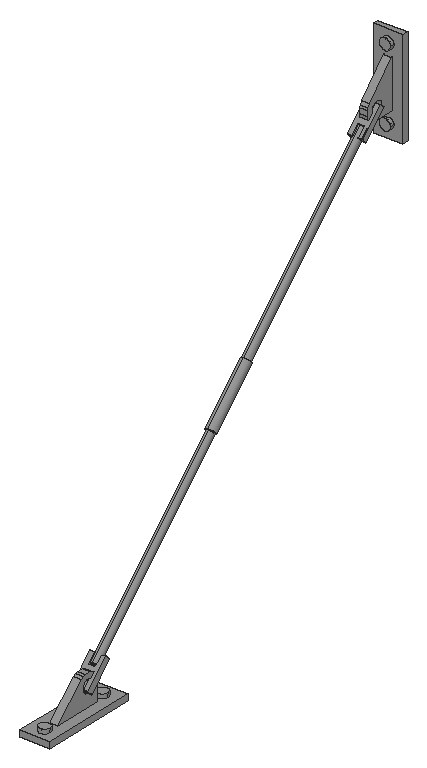
Revit family "Canopy Hanger", category Generic Models, host Face, Revit 2025
Family settings
  Host = Face
  Can host rebar = No
  Round Connector Dimension = Use Diameter
  Part Type = Normal
  Cut with Voids When Loaded = No
  Maintain Annotation Orientation = No
  Shared = No
  Room Calculation Point = No
Parameters
  Material = Laminate, Black
  Default Elevation = 48"
Reference planes (in)
  plane 1 "Center (Front/Back)": y = 0
  plane 2: z = 0
  plane 3 "Center (Left/Right)": x = 0
  plane 4 "face": through (-20.06626, -125.1822, -124.37036) normal (0, -0.7071, 0.7071)
  plane 5 "other": y = 25.39398
  plane 6 "connection": through (3.75167, -129.24559, -128.43376) normal (0, -0.7071, 0.7071)
Dimensions and locks (in)
  aligned and locked: plane 2 to host face
  aligned and locked: level to host face
  aligned and locked: plane 1 "Center (Front/Back)" to nested 1
Nested families (in)
  nested 1: "Base" at (0, 0, 0), type "Base"
  nested 2: "Rod" at (0, 12.33813, 13.14997) x (1, 0, 0) z (0, -0.7071, 0.7071), type "Rod"
  nested 3: "Base" at (0, 25.36641, 25.26004) x (1, 0, 0) z (0, -1, 0), type "Base"
  nested 4: "Connector" at (0, 23.34051, 23.88718) x (1, 0, 0) z (0, -0.7071, 0.7071), type "Connector"
  nested 5: "Connector" at (0, 1.38604, 1.93271) x (1, 0, 0) z (0, -0.7071, 0.7071), type "Connector"
Definition of nested family "Base"
  Parameters (values of type "Base")
    Width = 6 7/16"
    Thickness = 1/2"
    Material = none
    Length = 1 7/8"
    Default Elevation = 48"
  Reference planes (in)
    plane 1 "Center (Front/Back)": y = 0
    plane 2: z = 0
    plane 3 "Center (Left/Right)": x = 0
    plane 4: x = -0.25
    plane 5: x = 0.25
    plane 6: y = -0.68819
    plane 7: z = 1.59299
    plane 8: z = 1.16984
    plane 9: z = 2.01615
  Forms (in)
    Extrusion 1, solid, material <- "Material"
      sketch origin (0, 0, 0) x (1, 0, 0) y (0, 1, 0)
        loop
          line (-0.9375, 3.21875) -> (-0.9375, -3.03125) -> (0.9375, -3.03125) -> (0.9375, 3.21875) -> (-0.9375, 3.21875)
      from 0 to 0.375
    Extrusion 2, solid, material <- "Material"
      sketch origin (0, 0, 0) x (0, 1, 0) y (0, 0, 1)
        loop
          line (-0.19875, 2.16001) -> (-0.35875, 2.26668) -> (-0.54542, 2.30668) -> (-0.89208, 2.30668) -> (-1.03875, 2.28001) -> (-1.18542, 2.21334) -> (-1.29209, 2.10667) -> (-1.37209, 1.94667) -> (-1.38542, 1.81334) -> (-1.38542, 0.37334) -> (1.68125, 0.37334) -> (-0.19875, 2.16001)
      from -0.25 to 0.25
    Extrusion 3, void
      sketch origin (0, 0, 0) x (0, 1, 0) y (0, 0, 1)
        loop
          circle (-0.68819, 1.59299) r 0.42333
      from -0.25 to 0.25
    Extrusion 4, solid, material <- "Material"
      sketch origin (0, 0, 0) x (1, 0, 0) y (0, 1, 0)
        loop
          circle (0, 2.44826) r 0.35355
        loop
          circle (0, -2.1607) r 0.35355
      from 0.375 to 0.59808
  Cuts and joins
    Extrusion 3 cuts Extrusion 2
  Dimensions and locks (in)
    "Length": Extrusion 1 sketch curve to Extrusion 1 sketch curve
    equal spacing: Extrusion 1 sketch curve, plane 3 "Center (Left/Right)", Extrusion 1 sketch curve
    equal spacing: plane 4, plane 3 "Center (Left/Right)", plane 5
    "Thickness": plane 4 to plane 5
    equal spacing: plane 9, plane 7, plane 8
    aligned and locked: plane 2 to level
    aligned and locked: plane 5 to Extrusion 2
    aligned and locked: Extrusion 2 to plane 4
  Automatic sketch dimensions
    plane 1 "Center (Front/Back)" to Extrusion 2 sketch curve = 1.38542"  (x2)
    Extrusion 2 sketch curve to Extrusion 2 sketch curve = 0.01333"
    Extrusion 2 sketch curve to Extrusion 2 sketch curve = 0.08"
    Extrusion 2 sketch curve to Extrusion 2 sketch curve = 0.10667"  (x3)
    Extrusion 2 sketch curve to Extrusion 2 sketch curve = 0.14667"  (x2)
    Extrusion 2 sketch curve to Extrusion 2 sketch curve = 0.34667"
    Extrusion 2 sketch curve to Extrusion 2 sketch curve = 0.18667"
    Extrusion 2 sketch curve to Extrusion 2 sketch curve = 0.16"  (x2)
    level to Extrusion 2 sketch curve = 1.81334"
    Extrusion 2 sketch curve to Extrusion 2 sketch curve = 0.13333"
    Extrusion 2 sketch curve to Extrusion 2 sketch curve = 0.05334"
    Extrusion 2 sketch curve to Extrusion 2 sketch curve = 0.06667"
    Extrusion 2 sketch curve to Extrusion 2 sketch curve = 0.02667"
    Extrusion 2 sketch curve to Extrusion 2 sketch curve = 0.04"
    level to Extrusion 2 sketch curve = 0.37334"
    Extrusion 2 sketch curve to plane 1 "Center (Front/Back)" = 1.68125"
    Extrusion 3 sketch curve to plane 6 = 0"
    Extrusion 3 sketch curve to plane 7 = 0"
    Extrusion 4 sketch curve to plane 3 "Center (Left/Right)" = 0"  (x2)
    plane 1 "Center (Front/Back)" to Extrusion 4 sketch curve = 2.1607"
    Extrusion 4 sketch curve to plane 1 "Center (Front/Back)" = 2.44826"
    plane 1 "Center (Front/Back)" to Extrusion 1 sketch curve = 3 1/32"
    Extrusion 1 sketch curve to plane 1 "Center (Front/Back)" = 3 7/32"
    radius of Extrusion 3 sketch curve = 0.42333"
    radius of Extrusion 4 sketch curve = 0.35355"  (x2)
Definition of nested family "Rod"
  Parameters (values of type "Rod")
    Material = none
    Default Elevation = 48"
  Reference planes (in)
    plane 1 "Center (Front/Back)": y = 0
    plane 2: z = 0
    plane 3 "Center (Left/Right)": x = 0
  Forms (in)
    Revolve 1, solid, material <- "Material"
      sketch origin (0, 0, 0) x (0, 1, 0) y (0, 0, 1)
        loop
          line (-15.25, 0) -> (15, 0) -> (15, 0.25) -> (1.875, 0.25) -> (1.875, 0.3125) -> (-2.125, 0.3125) -> (-2.125, 0.25) -> (-15.25, 0.25) -> (-15.25, 0)
        axis (-15.25, 0) -> (15, 0)
      angle from 0 to 360
  Dimensions and locks (in)
    aligned and locked: plane 2 to level
    aligned and locked: Revolve 1 sketch curve to Revolve 1 sketch curve
Definition of nested family "Connector"
  Parameters (values of type "Connector")
    Material = none
    Default Elevation = 48"
  Reference planes (in)
    plane 1 "Center (Front/Back)": y = 0
    plane 2: z = 0
    plane 3 "Center (Left/Right)": x = 0
    plane 4: z = 0.375
  Forms (in)
    Extrusion 1, solid, material <- "Material"
      sketch origin (0, 0, 0) x (1, 0, 0) y (0, 1, 0)
        loop
          line (-0.5, 1) -> (-0.5, -1) -> (-0.19182, -1) -> (-0.19182, -0.31494) -> (0.19182, -0.31494) -> (0.19182, -1) -> (0.5, -1) -> (0.5, 1) -> (0.19182, 1) -> (0.19182, 0.31494) -> (-0.19182, 0.31494) -> (-0.19182, 1) -> (-0.5, 1)
      from 0 to 0.375
  Dimensions and locks (in)
    equal spacing: Extrusion 1 sketch curve, plane 3 "Center (Left/Right)", Extrusion 1 sketch curve
    plane 3 "Center (Left/Right)" to Extrusion 1 sketch curve = 1/2"
    equal spacing: Extrusion 1 sketch curve, plane 1 "Center (Front/Back)", Extrusion 1 sketch curve
    plane 1 "Center (Front/Back)" to Extrusion 1 sketch curve = 1"
    plane 4 to plane 2 = 3/8"
    aligned and locked: plane 2 to level
    aligned and locked: plane 4 to Extrusion 1
